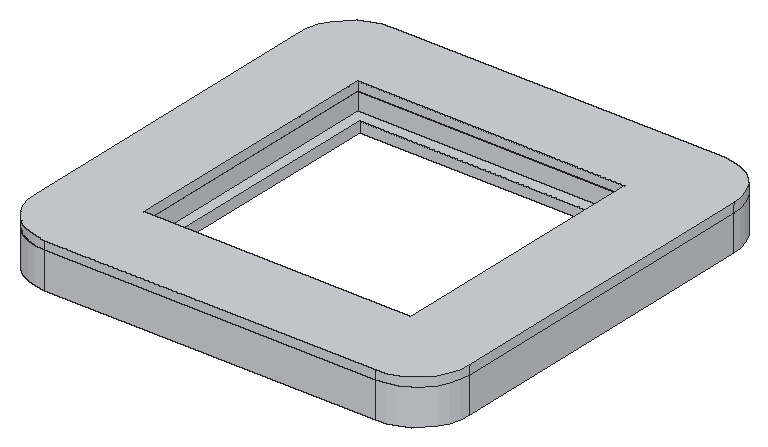
Revit family "Gira_0211423", category Electrical Fixtures, host Face, Revit 2017
Family settings
  Host = Face
  Maintain Annotation Orientation = No
  Round Connector Dimension = Use Diameter
  Part Type = Normal
  Cut with Voids When Loaded = No
  Shared = No
  Room Calculation Point = No
Parameters (values of type "Cov.fr. 1-g Gira E3 dark grey/anthra.")
  URL = "http://katalog.gira.de/en/datenblatt.html?artikelnr=0211423"
  Transparent = "No"
  Name = "Cov.fr. 1-g Gira E3 dark grey/anthra."
  Manufacturer URL = "https://www.gira.de/"
  Manufacturer = "Gira"
  Keynote = ""
  HeinzeBIM = "https://bimportal.heinze.de/bim/cov-fr-1-g-gira-e3-dark-grey-anthra-/583b878eb01e83113f9052b8ca3063965917b5de"
  HAN = "0211423"
  GTIN = "4010337024088"
  Description = "Cov.fr.1g E3 DgyAn,Gira E3 cover frame,dark grey soft touch with anthracite intermediate frame,1-gang,Features:,- Shatter-proof.,,Notes :,- Soft-touch surface,- NCS value: approx. NCS S 7000-N"
  Default Elevation = 1219.2 mm
  Data sheet (1) = "https://katalog.gira.de/en/download.html?artikelnr=0211423"
  Category = "Cover frame for domestic switching devices"
  BIM (1) = "https://media.stage.bim.site/public/gira/36a6b08/E3_Rahmen_1fach.rfa"
  Available = "No"
Reference planes
  plane 1 "Center (Front/Back)": y = 0
  plane 2: z = 0
  plane 3 "Center (Left/Right)": x = 0
Forms (mm)
  Extrusion 1, solid, detail levels fine
    sketch origin (0, 0, 0) x (1, 0, 0) y (0, 1, 0)
      loop
        arc (-34.8, 45.809) -> (-42.585, 42.585) -> (-45.809, 34.8) r 11.009
        line (-45.809, 34.8) -> (-45.809, -34.8)
        arc (-45.809, -34.8) -> (-42.585, -42.585) -> (-34.8, -45.809) r 11.009
        line (-34.8, -45.809) -> (34.8, -45.809)
        arc (34.8, -45.809) -> (42.585, -42.585) -> (45.809, -34.8) r 11.009
        line (45.809, -34.8) -> (45.809, 34.8)
        arc (45.809, 34.8) -> (42.585, 42.585) -> (34.8, 45.809) r 11.009
        line (34.8, 45.809) -> (-34.8, 45.809)
      loop
        line (28.187, 28.156) -> (-28.187, 28.156) -> (-28.187, -28.156) -> (28.187, -28.156) -> (28.187, 28.156)
    from 7.65 to 9.5
  Extrusion 2, solid, detail levels fine
    sketch origin (0, 0, 0) x (1, 0, 0) y (0, 1, 0)
      loop
        line (25.7, 25.7) -> (-25.7, 25.7) -> (-25.7, -25.7) -> (25.7, -25.7) -> (25.7, 25.7)
      loop
        line (-28.187, -28.156) -> (28.187, -28.156) -> (28.187, 28.156) -> (-28.187, 28.156) -> (-28.187, -28.156)
    from 1.65 to 3.9
  Extrusion 3, solid, detail levels fine
    sketch origin (0, 0, 0) x (1, 0, 0) y (0, 1, 0)
      loop
        arc (-34.8, 45.809) -> (-42.585, 42.585) -> (-45.809, 34.8) r 11.009
        line (-45.809, 34.8) -> (-45.809, -34.8)
        arc (-45.809, -34.8) -> (-42.585, -42.585) -> (-34.8, -45.809) r 11.009
        line (-34.8, -45.809) -> (34.8, -45.809)
        arc (34.8, -45.809) -> (42.585, -42.585) -> (45.809, -34.8) r 11.009
        line (45.809, -34.8) -> (45.809, 34.8)
        arc (45.809, 34.8) -> (42.585, 42.585) -> (34.8, 45.809) r 11.009
        line (34.8, 45.809) -> (-34.8, 45.809)
      loop
        line (-43.843, 34.785) -> (-43.843, -34.785)
        arc (-43.843, -34.785) -> (-41.19, -41.19) -> (-34.785, -43.843) r 9.058
        line (-34.785, -43.843) -> (34.785, -43.843)
        arc (34.785, -43.843) -> (41.19, -41.19) -> (43.843, -34.785) r 9.058
        line (43.843, -34.785) -> (43.843, 34.785)
        arc (43.843, 34.785) -> (41.19, 41.19) -> (34.785, 43.843) r 9.058
        line (34.785, 43.843) -> (-34.785, 43.843)
        arc (-34.785, 43.843) -> (-41.19, 41.19) -> (-43.843, 34.785) r 9.058
    from 0 to 7.65
  Extrusion 4, solid, detail levels fine
    sketch origin (0, 0, 0) x (1, 0, 0) y (0, 1, 0)
      loop
        line (-27.337, -31.075) -> (27.337, -31.075)
        arc (27.337, -31.075) -> (29.98, -29.98) -> (31.075, -27.337) r 3.739
        line (31.075, -27.337) -> (31.075, 27.337)
        arc (31.075, 27.337) -> (29.98, 29.98) -> (27.337, 31.075) r 3.739
        line (27.337, 31.075) -> (-27.337, 31.075)
        arc (-27.337, 31.075) -> (-29.98, 29.98) -> (-31.075, 27.337) r 3.739
        line (-31.075, 27.337) -> (-31.075, -27.337)
        arc (-31.075, -27.337) -> (-29.98, -29.98) -> (-27.337, -31.075) r 3.739
      loop
        line (-29.925, 27.537) -> (-29.925, -27.537)
        arc (-29.925, -27.537) -> (-29.226, -29.226) -> (-27.537, -29.925) r 2.389
        line (-27.537, -29.925) -> (27.537, -29.925)
        arc (27.537, -29.925) -> (29.226, -29.226) -> (29.925, -27.537) r 2.389
        line (29.925, -27.537) -> (29.925, 27.537)
        arc (29.925, 27.537) -> (29.226, 29.226) -> (27.537, 29.925) r 2.389
        line (27.537, 29.925) -> (-27.537, 29.925)
        arc (-27.537, 29.925) -> (-29.226, 29.226) -> (-29.925, 27.537) r 2.389
    from 1.65 to 7.65
  Extrusion 5, solid, detail levels fine
    sketch origin (0, 0, 0) x (1, 0, 0) y (0, 1, 0)
      loop
        line (-32.053, -39.8) -> (32.053, -39.8)
        arc (32.053, -39.8) -> (37.667, -36.708) -> (39.9, -30.7) r 9.2
        line (39.9, -30.7) -> (39.9, 30.7)
        arc (39.9, 30.7) -> (37.205, 37.205) -> (30.7, 39.9) r 9.2
        line (30.7, 39.9) -> (-30.7, 39.9)
        arc (-30.7, 39.9) -> (-37.205, 37.205) -> (-39.9, 30.7) r 9.2
        line (-39.9, 30.7) -> (-39.9, -30.7)
        arc (-39.9, -30.7) -> (-37.667, -36.708) -> (-32.053, -39.8) r 9.2
      loop
        line (-30.7, -31.7) -> (30.7, -31.7)
        arc (30.7, -31.7) -> (31.407, -31.407) -> (31.7, -30.7) r 1
        line (31.7, -30.7) -> (31.7, 30.7)
        arc (31.7, 30.7) -> (31.407, 31.407) -> (30.7, 31.7) r 1
        line (30.7, 31.7) -> (-30.7, 31.7)
        arc (-30.7, 31.7) -> (-31.407, 31.407) -> (-31.7, 30.7) r 1
        line (-31.7, 30.7) -> (-31.7, -30.7)
        arc (-31.7, -30.7) -> (-31.407, -31.407) -> (-30.7, -31.7) r 1
    from 1.65 to 3.9
  Extrusion 6, solid, detail levels fine
    sketch origin (0, 0, 0) x (1, 0, 0) y (0, 1, 0)
      loop
        line (-28.187, 28.156) -> (-28.187, -28.156) -> (28.187, -28.156) -> (28.187, 28.156) -> (-28.187, 28.156)
      loop
        line (-29.925, 29.925) -> (-29.925, -29.925) -> (29.925, -29.925) -> (29.925, 29.925) -> (-29.925, 29.925)
    from 1.65 to 7.65
  Extrusion 7, solid, detail levels coarse+medium
    sketch origin (0, 0, 0) x (1, 0, 0) y (0, 1, 0)
      loop
        line (-45.809, 45.809) -> (-45.809, -45.809) -> (45.809, -45.809) -> (45.809, 45.809) -> (-45.809, 45.809)
    from 0 to 9.5
Dimensions and locks
  aligned and locked: plane 2 to host face
  aligned and locked: level to host face
